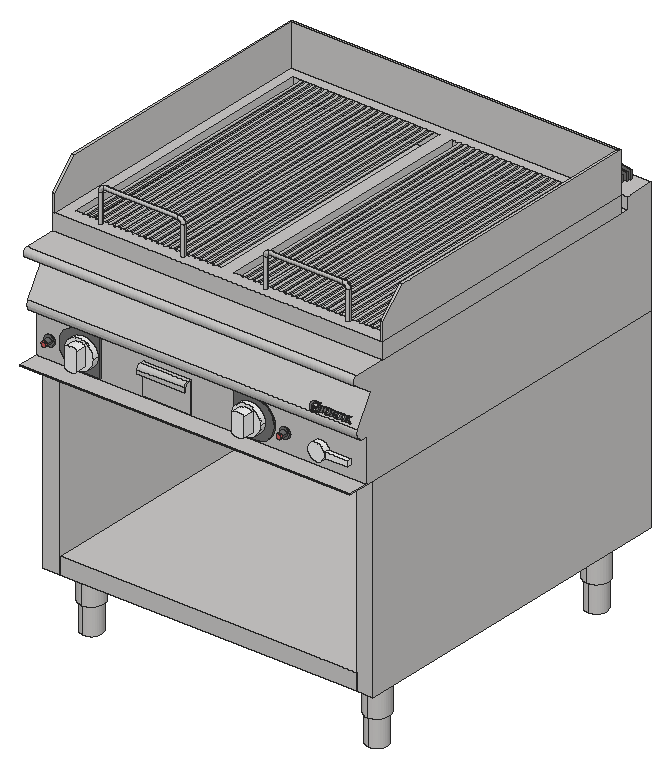
Revit family "QF_GIORIK_GL94GV", category Specialty Equipment, Revit 2014
Parameters (values of type "GL94GV")
  Weight in Pounds = 308.6468
  Waste Water Discharge Temperature [instance] = 0 °C
  URL Cutsheet = "www.giorik.com"
  URL = "www.giorik.com"
  Status [instance] = ""
  Specification by User [instance] = ""
  Specification by Manufacturer = ""
  Show Logo [instance] = yes
  Show Clearance [instance] = yes
  Serial Number = ""
  Seismic Rating = ""
  SMACNA No = ""
  Revision Code [instance] = ""
  Plumbing Remarks [instance] = ""
  Plumbing Connection Type [instance] = ""
  NAFEM Spec ID Number = ""
  Model = "GL94GV"
  Masterspec = ""
  Manufacturer = "GIORIK"
  Item Number [instance] = ""
  Installed By [instance] = ""
  Indirect Waste Size = 1"
  Indirect Waste Flow = 0.0 L/s
  Indirect Waste Connection Type [instance] = ""
  Indirect Waste Connection Height [instance] = 150 mm
  Identify Quantity as Lot [instance] = no
  Gas Size = 1"
  Gas RI Height [instance] = 0 mm
  Gas KW = 22
  Gas Input = 22000 W
  Gas Connection Height [instance] = 150 mm
  Furnished By [instance] = ""
  Foodservice Equipment Identifier [instance] = yes
  Description = "GAS STEAMGRILL"
  Cold Water Temperature Recommended = 0 °C
  Cold Water Size = 1/2"
  Cold Water RI Height [instance] = 150 mm
  Cold Water Minimum Pressure = 20000.0 Pa
  Cold Water Maximum Pressure = 50000.0 Pa
  Cold Water Flow [instance] = 0.0 L/s
  Cold Water Consumption [instance] = ""
  Cold Water Connection Height [instance] = 150 mm
  CSI MasterFormat = ""
  Assembly Code = "E1090320"
Reference planes
  plane 1 "Back": y = 0
  plane 2: z = 0
  plane 3 "Left": x = 0
  plane 4 "Right": x = 800
  plane 5 "Front": y = -920
  plane 6 "Top": z = 900
Forms (mm)
  Extrusion 1, solid, visible <- "Show Logo"
    sketch origin (586.604, -908.674, 717.684) x (-1, 0, 0) y (0, 0.515038, 0.857167)
      loop
        line (-118.824, 58.358) -> (-127.804, 58.358) -> (-125.523, 56.445) -> (-125.523, 48.027) -> (-127.804, 46.113) -> (-118.824, 46.113) -> (-121.105, 48.027) -> (-121.105, 56.445) -> (-118.824, 58.358)
      loop
        line (-163.721, 58.358) -> (-172.7, 58.358) -> (-170.42, 56.445) -> (-170.42, 48.027) -> (-172.7, 46.113) -> (-163.721, 46.113) -> (-166.001, 48.027) -> (-166.001, 56.445) -> (-163.721, 58.358)
      loop
        line (-174.332, 58.358) -> (-183.312, 58.358) -> (-181.031, 56.445) -> (-181.031, 52.435) -> (-186.419, 56.955) -> (-184.416, 58.358) -> (-191.268, 58.358) -> (-188.01, 56.839) -> (-185.455, 54.283) -> (-190.846, 47.858) -> (-193.396, 46.93) -> (-193.396, 46.113) -> (-184.416, 46.113) -> (-185.437, 47.571) -> (-182.443, 51.552) -> (-181.031, 50.894) -> (-181.031, 48.027) -> (-183.312, 46.113) -> (-174.332, 46.113) -> (-176.613, 48.027) -> (-176.613, 56.445) -> (-174.332, 58.358)
      loop
        line (-115.429, 62.063) -> (-115.429, 54.198)
        arc (-115.429, 54.198) -> (-111.618, 57.803) -> (-106.847, 59.986) r 16.039
        arc (-106.847, 59.986) -> (-103.314, 59.837) -> (-100.512, 57.68) r 5.851
        arc (-100.512, 57.68) -> (-98.815, 52.267) -> (-100.512, 46.853) r 9.479
        arc (-100.512, 46.853) -> (-102.406, 44.986) -> (-104.846, 43.93) r 7.236
        arc (-104.846, 43.93) -> (-107.728, 44.111) -> (-110.052, 45.825) r 5.11
        line (-110.052, 45.825) -> (-110.052, 52.001) -> (-116.141, 52.001) -> (-116.141, 45.503) -> (-117.893, 43.751) -> (-114.094, 44.769)
        arc (-114.094, 44.769) -> (-112.56, 44.947) -> (-111.129, 44.366) r 3.115
        arc (-111.129, 44.366) -> (-104.216, 42.091) -> (-97.303, 44.366) r 11.641
        arc (-97.303, 44.366) -> (-93.396, 52.107) -> (-97.303, 59.849) r 9.622
        arc (-97.303, 59.849) -> (-104.369, 62.174) -> (-111.435, 59.849) r 11.898
        line (-111.435, 59.849) -> (-115.429, 62.063)
      loop
        arc (-129.234, 56.068) -> (-135.893, 58.628) -> (-142.552, 56.068) r 9.941
        arc (-142.552, 56.068) -> (-144.234, 52.286) -> (-142.552, 48.505) r 5.093
        arc (-142.552, 48.505) -> (-135.893, 45.945) -> (-129.234, 48.505) r 9.941
        arc (-129.234, 48.505) -> (-127.552, 52.286) -> (-129.234, 56.068) r 5.093
      loop
        arc (-132.628, 54.403) -> (-135.893, 57.668) -> (-139.158, 54.403) r 3.265
        line (-139.158, 54.403) -> (-139.158, 50.169)
        arc (-139.158, 50.169) -> (-135.893, 46.904) -> (-132.628, 50.169) r 3.265
        line (-132.628, 50.169) -> (-132.628, 54.403)
      loop
        arc (-156.363, 58.365) -> (-159.647, 55.081) -> (-156.363, 51.796) r 3.285
        line (-156.363, 51.796) -> (-159.529, 47.306) -> (-162.087, 46.113) -> (-155.847, 46.113) -> (-153.529, 51.083) -> (-150.637, 51.083) -> (-150.637, 47.784) -> (-153.022, 46.113) -> (-144.011, 46.113) -> (-146.094, 47.68) -> (-146.094, 56.493) -> (-144.229, 58.365) -> (-156.363, 58.365)
      loop
        line (-150.637, 57.512) -> (-153.637, 57.512)
        arc (-153.637, 57.512) -> (-156.237, 54.912) -> (-153.637, 52.312) r 2.6
        line (-153.637, 52.312) -> (-150.637, 52.312) -> (-150.637, 57.512)
      loop
        line (-108.924, 52.001) -> (-104.936, 49.005) -> (-100.948, 52.001) -> (-108.924, 52.001)
    from 1.5 to -0.5
  Extrusion 2, solid
    sketch origin (-16, 1025.81, 0) x (1, 0, 0) y (0, 1, 0)
      loop
        line (25, -1086.81) -> (25, -1156.81) -> (115, -1156.81) -> (115, -1086.81) -> (25, -1086.81)
    from 148 to 150
  Extrusion 3, solid
    sketch origin (-4, 0, 130) x (1, 0, 0) y (0, 1, 0)
      loop
        circle (54, -385) r 12.5
    from 0 to 20
  Extrusion 4, solid
    sketch origin (0, 800, -20) x (0, 1, 0) y (0, 0, 1)
      loop
        line (-800, 919.988) -> (-870, 919.988) -> (-870, 889.988) -> (-1688.806, 889.988)
        arc (-1688.806, 889.988) -> (-1699.151, 883.075) -> (-1696.724, 870.873) r 11.197
        line (-1696.724, 870.873) -> (-1647.575, 836.458) -> (-1686.203, 772.171)
        arc (-1686.203, 772.171) -> (-1687.435, 755.768) -> (-1675, 745) r 18.302
        line (-1675, 745) -> (-1660, 745) -> (-1660, 640) -> (-800, 640) -> (-800, 919.988)
    from 0 to 800
  Extrusion 5, solid
    sketch origin (-16, 360.81, 0) x (1, 0, 0) y (0, 1, 0)
      loop
        line (25, -1086.81) -> (25, -1156.81) -> (115, -1156.81) -> (115, -1086.81) -> (25, -1086.81)
    from 148 to 150
  Revolve 6, solid
    sketch origin (54, 360.81, 0) x (0, 1, 0) y (0, 0, 1)
      loop
        line (-1092.56, 66) -> (-1092.56, 148) -> (-1121.81, 148) -> (-1121.81, 0) -> (-1096.81, 0) -> (-1096.81, 66) -> (-1092.56, 66)
      axis (-1121.81, 0) -> (-1121.81, 148)
    angle from 0 to 360
  Revolve 7, solid
    sketch origin (54, 1025.81, 0) x (0, 1, 0) y (0, 0, 1)
      loop
        line (-1092.56, 66) -> (-1092.56, 148) -> (-1121.81, 148) -> (-1121.81, 0) -> (-1096.81, 0) -> (-1096.81, 66) -> (-1092.56, 66)
      axis (-1121.81, 0) -> (-1121.81, 148)
    angle from 0 to 360
  Extrusion 8, solid
    sketch origin (816, 360.81, 0) x (-1, 0, 0) y (0, -1, 0)
      loop
        line (25, 1086.81) -> (115, 1086.81) -> (115, 1156.81) -> (25, 1156.81) -> (25, 1086.81)
    from 148 to 150
  Revolve 9, solid
    sketch origin (746, 360.81, 0) x (0, 1, 0) y (0, 0, -1)
      loop
        line (-1092.56, -66) -> (-1096.81, -66) -> (-1096.81, 0) -> (-1121.81, 0) -> (-1121.81, -148) -> (-1092.56, -148) -> (-1092.56, -66)
      axis (-1121.81, 0) -> (-1121.81, -148)
    angle from 0 to 360
  Extrusion 10, solid
    sketch origin (816, -1217.81, 0) x (-1, 0, 0) y (0, -1, 0)
      loop
        line (25, -1086.81) -> (25, -1156.81) -> (115, -1156.81) -> (115, -1086.81) -> (25, -1086.81)
    from 148 to 150
  Revolve 11, solid
    sketch origin (746, -1217.81, 0) x (0, -1, 0) y (0, 0, 1)
      loop
        line (-1092.56, 66) -> (-1092.56, 148) -> (-1121.81, 148) -> (-1121.81, 0) -> (-1096.81, 0) -> (-1096.81, 66) -> (-1092.56, 66)
      axis (-1121.81, 0) -> (-1121.81, 148)
    angle from 0 to 360
  Extrusion 12, solid
    sketch origin (-308.221, -812, -51.25) x (1, 0, 0) y (0, 0, 1)
      loop
        line (463.221, 676.25) -> (463.221, 766.25) -> (409.698, 766.25)
        arc (409.698, 766.25) -> (364.698, 721.25) -> (409.698, 676.25) r 45
        line (409.698, 676.25) -> (463.221, 676.25)
    from 48 to 50
  Extrusion 13, solid
    sketch origin (466.331, -860.641, -51.634) x (-1, 0, 0) y (0, -0.000888, -1)
      loop
        circle (351.331, -721.346) r 35
    from 0 to 15
  Extrusion 14, solid
    sketch origin (466.331, -860.641, -51.634) x (-1, 0, 0) y (0, -0.000888, -1)
      loop
        arc (336.331, -743.846) -> (351.331, -748.846) -> (366.331, -743.846) r 25
        line (366.331, -743.846) -> (366.331, -698.846)
        arc (366.331, -698.846) -> (351.331, -693.846) -> (336.331, -698.846) r 25
        line (336.331, -698.846) -> (336.331, -743.846)
    from 15 to 40
  Extrusion 15, solid
    sketch origin (-94, 0, -10.001) x (1, 0, 0) y (0, 0, 1)
      loop
        line (135, 909.989) -> (453, 909.989) -> (453, 925.527) -> (347.056, 931.749) -> (240.944, 931.749) -> (135, 925.527) -> (135, 909.989)
    from 32 to 35
  Extrusion 16, solid
    sketch origin (-92, 10, -10.001) x (1, 0, 0) y (0, 0, 1)
      loop
        line (454, 909.989) -> (454, 928.527) -> (346.162, 939.193) -> (237.838, 939.193) -> (130, 928.527) -> (130, 909.989) -> (454, 909.989)
    from 32 to 35
  Extrusion 17, solid
    sketch origin (-90, 20, -10.001) x (1, 0, 0) y (0, 0, 1)
      loop
        line (455, 909.989) -> (455, 930.527) -> (345.396, 947.413) -> (234.604, 947.413) -> (125, 930.527) -> (125, 909.989) -> (455, 909.989)
    from 32 to 35
  Extrusion 18, solid
    sketch origin (0, -200, 0) x (0, 1, 0) y (0, 0, 1)
      loop
        line (110, 909.988) -> (110, 1009.988) -> (-551.877, 1009.988) -> (-610, 951.864) -> (-610, 909.988) -> (110, 909.988)
    from 0 to 5
  Extrusion 19, solid
    sketch origin (0, -90, 0) x (1, 0, 0) y (0, 0, 1)
      loop
        line (5, 1009.988) -> (5, 909.988) -> (795, 909.988) -> (795, 1009.988) -> (5, 1009.988)
    from 0 to 5
  Sweep 20, solid
    path origin (32.128, -787.463, 1856.207) x (0, 0, 1) y (-1, 0, 0)
      loop
        line (-946.207, -65.372) -> (-876.207, -65.372)
        arc (-876.207, -65.372) -> (-869.136, -68.301) -> (-866.207, -75.372) r 10
        line (-866.207, -75.372) -> (-866.207, -255.372)
        arc (-866.207, -255.372) -> (-869.136, -262.443) -> (-876.207, -265.372) r 10
        line (-876.207, -265.372) -> (-946.207, -265.372)
    profile origin (97.5, -787.463, 945) x (-1, 0, 0) y (0, -1, 0)
      loop
        circle (0, 0) r 4
  Extrusion 21, solid
    sketch origin (1041.331, -860, -61.247) x (-1, 0, 0) y (0, 0, -1)
      loop
        circle (351.331, -721.221) r 20
    from 0 to 15
  Extrusion 22, solid
    sketch origin (410, -864, -62.044) x (1, 0, 0) y (0, 0, 1)
      loop
        line (275.18, 729.518) -> (275.18, 714.518) -> (355.18, 714.518) -> (355.18, 729.518) -> (275.18, 729.518)
    from 0 to 10
  Extrusion 23, solid
    sketch origin (122.347, -900, 59.9) x (0, 1, 0) y (0, 0, 1)
      loop
        line (40, 640.1) -> (30, 640.1)
        arc (30, 640.1) -> (22.929, 637.171) -> (20, 630.1) r 10
        line (20, 630.1) -> (20, 620.1) -> (22, 620.1) -> (22, 630.1)
        arc (22, 630.1) -> (24.343, 635.757) -> (30, 638.1) r 8
        line (30, 638.1) -> (38, 638.1) -> (38, 565.1) -> (40, 565.1) -> (40, 640.1)
    from 137.5 to 252.5
  Extrusion 24, solid
    sketch origin (22, 0, 100) x (0, 1, 0) y (-1, 0, 0)
      loop
        circle (-185, -308) r 12.7
    from 30 to 50
  Extrusion 25, solid
    sketch origin (432, -293, 100) x (0, 1, 0) y (-1, 0, 0)
      loop
        circle (-185, -308) r 6.35
    from 30 to 50
  Extrusion 26, solid
    sketch origin (0, -200, 900) x (0, 1, 0) y (-1, 0, 0)
      loop
        line (110, 0) -> (-610, 0) -> (-610, -800) -> (110, -800) -> (110, 0)
      loop
        line (80, -30) -> (-580, -30) -> (-580, -385) -> (80, -385) -> (80, -30)
      loop
        line (80, -415) -> (-580, -415) -> (-580, -770) -> (80, -770) -> (80, -415)
    from -30.012 to 9.988
  Extrusion 27, solid
    sketch origin (0, -200, 0) x (1, 0, 0) y (0, 0, 1)
      loop
        circle (50, 906.988) r 3
    from -80 to 580
  Extrusion 28, solid
    sketch origin (15, -200, 0) x (1, 0, 0) y (0, 0, 1)
      loop
        circle (50, 906.988) r 3
    from -80 to 580
  Extrusion 29, solid
    sketch origin (30, -200, 0) x (1, 0, 0) y (0, 0, 1)
      loop
        circle (50, 906.988) r 3
    from -80 to 580
  Extrusion 30, solid
    sketch origin (45, -200, 0) x (1, 0, 0) y (0, 0, 1)
      loop
        circle (50, 906.988) r 3
    from -80 to 580
  Extrusion 31, solid
    sketch origin (60, -200, 0) x (1, 0, 0) y (0, 0, 1)
      loop
        circle (50, 906.988) r 3
    from -80 to 580
  Extrusion 32, solid
    sketch origin (75, -200, 0) x (1, 0, 0) y (0, 0, 1)
      loop
        circle (50, 906.988) r 3
    from -80 to 580
  Extrusion 33, solid
    sketch origin (90, -200, 0) x (1, 0, 0) y (0, 0, 1)
      loop
        circle (50, 906.988) r 3
    from -80 to 580
  Extrusion 34, solid
    sketch origin (105, -200, 0) x (1, 0, 0) y (0, 0, 1)
      loop
        circle (50, 906.988) r 3
    from -80 to 580
  Extrusion 35, solid
    sketch origin (120, -200, 0) x (1, 0, 0) y (0, 0, 1)
      loop
        circle (50, 906.988) r 3
    from -80 to 580
  Extrusion 36, solid
    sketch origin (135, -200, 0) x (1, 0, 0) y (0, 0, 1)
      loop
        circle (50, 906.988) r 3
    from -80 to 580
  Extrusion 37, solid
    sketch origin (150, -200, 0) x (1, 0, 0) y (0, 0, 1)
      loop
        circle (50, 906.988) r 3
    from -80 to 580
  Extrusion 38, solid
    sketch origin (165, -200, 0) x (1, 0, 0) y (0, 0, 1)
      loop
        circle (50, 906.988) r 3
    from -80 to 580
  Extrusion 39, solid
    sketch origin (180, -200, 0) x (1, 0, 0) y (0, 0, 1)
      loop
        circle (50, 906.988) r 3
    from -80 to 580
  Extrusion 40, solid
    sketch origin (195, -200, 0) x (1, 0, 0) y (0, 0, 1)
      loop
        circle (50, 906.988) r 3
    from -80 to 580
  Extrusion 41, solid
    sketch origin (210, -200, 0) x (1, 0, 0) y (0, 0, 1)
      loop
        circle (50, 906.988) r 3
    from -80 to 580
  Extrusion 42, solid
    sketch origin (225, -200, 0) x (1, 0, 0) y (0, 0, 1)
      loop
        circle (50, 906.988) r 3
    from -80 to 580
  Extrusion 43, solid
    sketch origin (240, -200, 0) x (1, 0, 0) y (0, 0, 1)
      loop
        circle (50, 906.988) r 3
    from -80 to 580
  Extrusion 44, solid
    sketch origin (255, -200, 0) x (1, 0, 0) y (0, 0, 1)
      loop
        circle (50, 906.988) r 3
    from -80 to 580
  Extrusion 45, solid
    sketch origin (270, -200, 0) x (1, 0, 0) y (0, 0, 1)
      loop
        circle (50, 906.988) r 3
    from -80 to 580
  Extrusion 46, solid
    sketch origin (285, -200, 0) x (1, 0, 0) y (0, 0, 1)
      loop
        circle (50, 906.988) r 3
    from -80 to 580
  Extrusion 47, solid
    sketch origin (300, -200, 0) x (1, 0, 0) y (0, 0, 1)
      loop
        circle (50, 906.988) r 3
    from -80 to 580
  Extrusion 48, solid
    sketch origin (0, -860, 0) x (1, 0, 0) y (0, 0, 1)
      loop
        line (0, 620) -> (800, 620) -> (800, 622) -> (0, 622) -> (0, 620)
    from 0 to 50
  Extrusion 49, solid
    sketch origin (-6.142, -835.246, -47.152) x (1, 0, 0) y (0, 0.000339, 1)
      loop
        circle (38.702, 711.666) r 12.5
    from 25 to 27
  Extrusion 50, solid
    sketch origin (-732.35, -862.248, -53.566) x (1, 0, 0) y (0, 0.000339, 1)
      loop
        circle (764.91, 718.089) r 6
    from 0 to 15
  Extrusion 51, solid
    sketch origin (-732.35, -863.41, -53.565) x (1, 0, 0) y (0, 0.000339, 1)
      loop
        circle (764.91, 718.089) r 6
    from 13.838 to 15.838
  Extrusion 52, solid
    sketch origin (795, -200, 0) x (0, 1, 0) y (0, 0, 1)
      loop
        line (110, 909.988) -> (110, 1009.988) -> (-551.877, 1009.988) -> (-610, 951.864) -> (-610, 909.988) -> (110, 909.988)
    from 0 to 5
  Extrusion 53, solid
    sketch origin (306, 0, -10.001) x (1, 0, 0) y (0, 0, 1)
      loop
        line (135, 909.989) -> (453, 909.989) -> (453, 925.527) -> (347.056, 931.749) -> (240.944, 931.749) -> (135, 925.527) -> (135, 909.989)
    from 32 to 35
  Extrusion 54, solid
    sketch origin (308, 10, -10.001) x (1, 0, 0) y (0, 0, 1)
      loop
        line (454, 909.989) -> (454, 928.527) -> (346.162, 939.193) -> (237.838, 939.193) -> (130, 928.527) -> (130, 909.989) -> (454, 909.989)
    from 32 to 35
  Extrusion 55, solid
    sketch origin (310, 20, -10.001) x (1, 0, 0) y (0, 0, 1)
      loop
        line (455, 909.989) -> (455, 930.527) -> (345.396, 947.413) -> (234.604, 947.413) -> (125, 930.527) -> (125, 909.989) -> (455, 909.989)
    from 32 to 35
  Sweep 56, solid
    path origin (432.128, -787.463, 1856.207) x (0, 0, 1) y (-1, 0, 0)
      loop
        line (-946.207, -65.372) -> (-876.207, -65.372)
        arc (-876.207, -65.372) -> (-869.136, -68.301) -> (-866.207, -75.372) r 10
        line (-866.207, -75.372) -> (-866.207, -255.372)
        arc (-866.207, -255.372) -> (-869.136, -262.443) -> (-876.207, -265.372) r 10
        line (-876.207, -265.372) -> (-946.207, -265.372)
    profile origin (497.5, -787.463, 945) x (-1, 0, 0) y (0, -1, 0)
      loop
        circle (0, 0) r 4
  Extrusion 57, solid
    sketch origin (943.221, -812, -51.25) x (-1, 0, 0) y (0, 0, -1)
      loop
        line (463.221, -676.25) -> (409.698, -676.25)
        arc (409.698, -676.25) -> (364.698, -721.25) -> (409.698, -766.25) r 45
        line (409.698, -766.25) -> (463.221, -766.25) -> (463.221, -676.25)
    from 48 to 50
  Extrusion 58, solid
    sketch origin (168.669, -860.641, -51.634) x (1, 0, 0) y (0, 0.000888, 1)
      loop
        circle (351.331, 721.346) r 35
    from 0 to 15
  Extrusion 59, solid
    sketch origin (168.669, -860.641, -51.634) x (1, 0, 0) y (0, 0.000888, 1)
      loop
        line (336.331, 743.846) -> (336.331, 698.846)
        arc (336.331, 698.846) -> (351.331, 693.846) -> (366.331, 698.846) r 25
        line (366.331, 698.846) -> (366.331, 743.846)
        arc (366.331, 743.846) -> (351.331, 748.846) -> (336.331, 743.846) r 25
    from 15 to 40
  Extrusion 60, solid
    sketch origin (641.142, -835.246, -47.152) x (-1, 0, 0) y (0, -0.000339, -1)
      loop
        circle (38.702, -711.666) r 12.5
    from 25 to 27
  Extrusion 61, solid
    sketch origin (1367.35, -862.248, -53.566) x (-1, 0, 0) y (0, -0.000339, -1)
      loop
        circle (764.91, -718.089) r 6
    from 0 to 15
  Extrusion 62, solid
    sketch origin (1367.35, -863.41, -53.565) x (-1, 0, 0) y (0, -0.000339, -1)
      loop
        circle (764.91, -718.089) r 6
    from 13.838 to 15.838
  Extrusion 63, solid
    sketch origin (315, -200, 0) x (1, 0, 0) y (0, 0, 1)
      loop
        circle (50, 906.988) r 3
    from -80 to 580
  Extrusion 64, solid
    sketch origin (385, -200, 0) x (1, 0, 0) y (0, 0, 1)
      loop
        circle (50, 906.988) r 3
    from -80 to 580
  Extrusion 65, solid
    sketch origin (400, -200, 0) x (1, 0, 0) y (0, 0, 1)
      loop
        circle (50, 906.988) r 3
    from -80 to 580
  Extrusion 66, solid
    sketch origin (415, -200, 0) x (1, 0, 0) y (0, 0, 1)
      loop
        circle (50, 906.988) r 3
    from -80 to 580
  Extrusion 67, solid
    sketch origin (430, -200, 0) x (1, 0, 0) y (0, 0, 1)
      loop
        circle (50, 906.988) r 3
    from -80 to 580
  Extrusion 68, solid
    sketch origin (445, -200, 0) x (1, 0, 0) y (0, 0, 1)
      loop
        circle (50, 906.988) r 3
    from -80 to 580
  Extrusion 69, solid
    sketch origin (460, -200, 0) x (1, 0, 0) y (0, 0, 1)
      loop
        circle (50, 906.988) r 3
    from -80 to 580
  Extrusion 70, solid
    sketch origin (475, -200, 0) x (1, 0, 0) y (0, 0, 1)
      loop
        circle (50, 906.988) r 3
    from -80 to 580
  Extrusion 71, solid
    sketch origin (490, -200, 0) x (1, 0, 0) y (0, 0, 1)
      loop
        circle (50, 906.988) r 3
    from -80 to 580
  Extrusion 72, solid
    sketch origin (505, -200, 0) x (1, 0, 0) y (0, 0, 1)
      loop
        circle (50, 906.988) r 3
    from -80 to 580
  Extrusion 73, solid
    sketch origin (520, -200, 0) x (1, 0, 0) y (0, 0, 1)
      loop
        circle (50, 906.988) r 3
    from -80 to 580
  Extrusion 74, solid
    sketch origin (535, -200, 0) x (1, 0, 0) y (0, 0, 1)
      loop
        circle (50, 906.988) r 3
    from -80 to 580
  Extrusion 75, solid
    sketch origin (550, -200, 0) x (1, 0, 0) y (0, 0, 1)
      loop
        circle (50, 906.988) r 3
    from -80 to 580
  Extrusion 76, solid
    sketch origin (565, -200, 0) x (1, 0, 0) y (0, 0, 1)
      loop
        circle (50, 906.988) r 3
    from -80 to 580
  Extrusion 77, solid
    sketch origin (580, -200, 0) x (1, 0, 0) y (0, 0, 1)
      loop
        circle (50, 906.988) r 3
    from -80 to 580
  Extrusion 78, solid
    sketch origin (595, -200, 0) x (1, 0, 0) y (0, 0, 1)
      loop
        circle (50, 906.988) r 3
    from -80 to 580
  Extrusion 79, solid
    sketch origin (610, -200, 0) x (1, 0, 0) y (0, 0, 1)
      loop
        circle (50, 906.988) r 3
    from -80 to 580
  Extrusion 80, solid
    sketch origin (625, -200, 0) x (1, 0, 0) y (0, 0, 1)
      loop
        circle (50, 906.988) r 3
    from -80 to 580
  Extrusion 81, solid
    sketch origin (640, -200, 0) x (1, 0, 0) y (0, 0, 1)
      loop
        circle (50, 906.988) r 3
    from -80 to 580
  Extrusion 82, solid
    sketch origin (655, -200, 0) x (1, 0, 0) y (0, 0, 1)
      loop
        circle (50, 906.988) r 3
    from -80 to 580
  Extrusion 83, solid
    sketch origin (670, -200, 0) x (1, 0, 0) y (0, 0, 1)
      loop
        circle (50, 906.988) r 3
    from -80 to 580
  Extrusion 84, solid
    sketch origin (685, -200, 0) x (1, 0, 0) y (0, 0, 1)
      loop
        circle (50, 906.988) r 3
    from -80 to 580
  Extrusion 85, solid
    sketch origin (700, -200, 0) x (1, 0, 0) y (0, 0, 1)
      loop
        circle (50, 906.988) r 3
    from -80 to 580
  Extrusion 86, solid
    sketch origin (306, 0, -10.001) x (1, 0, 0) y (0, 0, 1)
      loop
        line (135, 909.989) -> (453, 909.989) -> (453, 925.527) -> (347.056, 931.749) -> (240.944, 931.749) -> (135, 925.527) -> (135, 909.989)
    from 32 to 35
  Extrusion 87, solid
    sketch origin (308, 10, -10.001) x (1, 0, 0) y (0, 0, 1)
      loop
        line (454, 909.989) -> (454, 928.527) -> (346.162, 939.193) -> (237.838, 939.193) -> (130, 928.527) -> (130, 909.989) -> (454, 909.989)
    from 32 to 35
  Extrusion 88, solid
    sketch origin (310, 20, -10.001) x (1, 0, 0) y (0, 0, 1)
      loop
        line (455, 909.989) -> (455, 930.527) -> (345.396, 947.413) -> (234.604, 947.413) -> (125, 930.527) -> (125, 909.989) -> (455, 909.989)
    from 32 to 35
  Extrusion 89, solid
    sketch origin (0, -200, 599.536) x (1, 0, 0) y (0, 1, 0)
      loop
        line (0, -640) -> (40, -640) -> (40, 160) -> (760, 160) -> (760, -640) -> (800, -640) -> (800, 200) -> (0, 200) -> (0, -640)
    from -449.536 to 20.464
  Extrusion 90, solid
    sketch origin (0, -200, 0) x (1, 0, 0) y (0, 1, 0)
      loop
        line (40, 160) -> (40, -640) -> (760, -640) -> (760, 160) -> (40, 160)
    from 150 to 190
Lines and regions (mm)
  symbolic lines, style "200-EquipBorder-2D"
    curve 1: line (0, -920, 0) -> (800, -920, 0)
    curve 2: line (800, -920, 0) -> (800, 0, 0)
    curve 3: line (800, 0, 0) -> (0, 0, 0)
    curve 4: line (0, 0, 0) -> (0, -920, 0)
  symbolic lines, style "200-EquipInternal-2D"
    curve 5: line (0, -70, 900) -> (800, -70, 900)
    curve 6: line (35, -12, 900) -> (365, -12, 900)
    curve 7: line (365, -12, 900) -> (365, -15, 900)
    curve 8: line (365, -15, 900) -> (35, -15, 900)
    curve 9: line (35, -15, 900) -> (35, -12, 900)
    curve 10: line (38, -22, 900) -> (362, -22, 900)
    curve 11: line (362, -22, 900) -> (362, -25, 900)
    curve 12: line (362, -25, 900) -> (38, -25, 900)
    curve 13: line (38, -25, 900) -> (38, -22, 900)
    curve 14: line (41, -32, 900) -> (359, -32, 900)
    curve 15: line (359, -32, 900) -> (359, -35, 900)
    curve 16: line (359, -35, 900) -> (41, -35, 900)
    curve 17: line (41, -35, 900) -> (41, -32, 900)
    curve 18: line (5, -95, 900) -> (795, -95, 900)
    curve 19: line (0, -90, 900) -> (800, -90, 900)
    curve 20: line (800, -90, 900) -> (800, -810, 900)
    curve 21: line (795, -810, 900) -> (795, -95, 900)
    curve 22: line (5, -95, 900) -> (5, -810, 900)
    curve 23: line (0, -810, 900) -> (0, -90, 900)
    curve 24: line (0, -810, 900) -> (800, -810, 900)
    curve 25: line (30, -780, 900) -> (30, -120, 900)
    curve 26: line (385, -120, 900) -> (385, -780, 900)
    curve 27: line (137, -120, 900) -> (137, -780, 900)
    curve 28: line (47, -780, 900) -> (47, -120, 900)
    curve 29: line (53, -780, 900) -> (53, -120, 900)
    curve 30: line (62, -120, 900) -> (62, -780, 900)
    curve 31: line (62, -780, 900) -> (53, -780, 900)
    curve 32: line (47, -780, 900) -> (30, -780, 900)
    curve 33: line (30, -120, 900) -> (47, -120, 900)
    curve 34: line (53, -120, 900) -> (62, -120, 900)
    curve 35: line (68, -120, 900) -> (68, -780, 900)
    curve 36: line (68, -780, 900) -> (77, -780, 900)
    curve 37: line (77, -780, 900) -> (77, -120, 900)
    curve 38: line (77, -120, 900) -> (68, -120, 900)
    curve 39: line (83, -120, 900) -> (92, -120, 900)
    curve 40: line (92, -120, 900) -> (92, -780, 900)
    curve 41: line (92, -780, 900) -> (83, -780, 900)
    curve 42: line (83, -780, 900) -> (83, -120, 900)
    curve 43: line (98, -120, 900) -> (98, -780, 900)
    curve 44: line (98, -780, 900) -> (107, -780, 900)
    curve 45: line (107, -780, 900) -> (107, -120, 900)
    curve 46: line (107, -120, 900) -> (98, -120, 900)
    curve 47: line (113, -120, 900) -> (122, -120, 900)
    curve 48: line (122, -120, 900) -> (122, -780, 900)
    curve 49: line (122, -780, 900) -> (113, -780, 900)
    curve 50: line (113, -780, 900) -> (113, -120, 900)
    curve 51: line (137, -120, 900) -> (128, -120, 900)
    curve 52: line (128, -120, 900) -> (128, -780, 900)
    curve 53: line (128, -780, 900) -> (137, -780, 900)
    curve 54: line (143, -780, 900) -> (143, -120, 900)
    curve 55: line (143, -120, 900) -> (152, -120, 900)
    curve 56: line (152, -120, 900) -> (152, -780, 900)
    curve 57: line (152, -780, 900) -> (143, -780, 900)
    curve 58: line (158, -780, 900) -> (158, -120, 900)
    curve 59: line (158, -120, 900) -> (167, -120, 900)
    curve 60: line (167, -120, 900) -> (167, -780, 900)
    curve 61: line (167, -780, 900) -> (158, -780, 900)
    curve 62: line (173, -780, 900) -> (173, -120, 900)
    curve 63: line (173, -120, 900) -> (182, -120, 900)
    curve 64: line (182, -120, 900) -> (182, -780, 900)
    curve 65: line (182, -780, 900) -> (173, -780, 900)
    curve 66: line (188, -780, 900) -> (188, -120, 900)
    curve 67: line (188, -120, 900) -> (197, -120, 900)
    curve 68: line (197, -120, 900) -> (197, -780, 900)
    curve 69: line (197, -780, 900) -> (188, -780, 900)
    curve 70: line (203, -780, 900) -> (203, -120, 900)
    curve 71: line (203, -120, 900) -> (212, -120, 900)
    curve 72: line (212, -120, 900) -> (212, -780, 900)
    curve 73: line (212, -780, 900) -> (203, -780, 900)
    curve 74: line (218, -780, 900) -> (218, -120, 900)
    curve 75: line (218, -120, 900) -> (227, -120, 900)
    curve 76: line (227, -120, 900) -> (227, -780, 900)
    curve 77: line (227, -780, 900) -> (218, -780, 900)
    curve 78: line (233, -780, 900) -> (233, -120, 900)
    curve 79: line (233, -120, 900) -> (242, -120, 900)
    curve 80: line (242, -120, 900) -> (242, -780, 900)
    curve 81: line (242, -780, 900) -> (233, -780, 900)
    curve 82: line (248, -780, 900) -> (248, -120, 900)
    curve 83: line (248, -120, 900) -> (257, -120, 900)
    curve 84: line (257, -120, 900) -> (257, -780, 900)
    curve 85: line (257, -780, 900) -> (248, -780, 900)
    curve 86: line (263, -780, 900) -> (263, -120, 900)
    curve 87: line (263, -120, 900) -> (272, -120, 900)
    curve 88: line (272, -120, 900) -> (272, -780, 900)
    curve 89: line (272, -780, 900) -> (263, -780, 900)
    curve 90: line (278, -780, 900) -> (278, -120, 900)
    curve 91: line (278, -120, 900) -> (287, -120, 900)
    curve 92: line (287, -120, 900) -> (287, -780, 900)
    curve 93: line (287, -780, 900) -> (278, -780, 900)
    curve 94: line (293, -780, 900) -> (293, -120, 900)
    curve 95: line (293, -120, 900) -> (302, -120, 900)
    curve 96: line (302, -120, 900) -> (302, -780, 900)
    curve 97: line (302, -780, 900) -> (293, -780, 900)
    curve 98: line (308, -780, 900) -> (308, -120, 900)
    curve 99: line (308, -120, 900) -> (317, -120, 900)
    curve 100: line (317, -120, 900) -> (317, -780, 900)
    curve 101: line (317, -780, 900) -> (308, -780, 900)
    curve 102: line (323, -780, 900) -> (323, -120, 900)
    curve 103: line (323, -120, 900) -> (332, -120, 900)
    curve 104: line (332, -120, 900) -> (332, -780, 900)
    curve 105: line (332, -780, 900) -> (323, -780, 900)
    curve 106: line (338, -780, 900) -> (338, -120, 900)
    curve 107: line (338, -120, 900) -> (347, -120, 900)
    curve 108: line (347, -120, 900) -> (347, -780, 900)
    curve 109: line (347, -780, 900) -> (338, -780, 900)
    curve 110: line (353, -780, 900) -> (353, -120, 900)
    curve 111: line (353, -120, 900) -> (362, -120, 900)
    curve 112: line (353, -780, 900) -> (362, -780, 900)
    curve 113: line (97.5, -783.463, 900) -> (297.5, -783.463, 900)
    curve 114: line (297.5, -791.463, 900) -> (97.5, -791.463, 900)
    curve 115: arc (97.5, -783.463, 900) -> (93.5, -787.463, 900) -> (97.5, -791.463, 900) r 4
    curve 116: arc (297.5, -783.463, 900) -> (301.5, -787.463, 900) -> (297.5, -791.463, 900) r 4
    curve 117: line (362, -120, 900) -> (362, -780, 900)
    curve 118: line (368, -780, 900) -> (368, -120, 900)
    curve 119: line (368, -120, 900) -> (385, -120, 900)
    curve 120: line (385, -780, 900) -> (368, -780, 900)
    curve 121: line (522, -120, 900) -> (522, -780, 900)
    curve 122: line (432, -780, 900) -> (432, -120, 900)
    curve 123: line (438, -780, 900) -> (438, -120, 900)
    curve 124: line (447, -120, 900) -> (447, -780, 900)
    curve 125: line (453, -120, 900) -> (453, -780, 900)
    curve 126: line (462, -780, 900) -> (462, -120, 900)
    curve 127: line (477, -120, 900) -> (477, -780, 900)
    curve 128: line (468, -780, 900) -> (468, -120, 900)
    curve 129: line (483, -120, 900) -> (483, -780, 900)
    curve 130: line (492, -780, 900) -> (492, -120, 900)
    curve 131: line (507, -120, 900) -> (507, -780, 900)
    curve 132: line (498, -780, 900) -> (498, -120, 900)
    curve 133: line (513, -120, 900) -> (513, -780, 900)
    curve 134: line (528, -780, 900) -> (528, -120, 900)
    curve 135: line (537, -120, 900) -> (537, -780, 900)
    curve 136: line (543, -780, 900) -> (543, -120, 900)
    curve 137: line (552, -120, 900) -> (552, -780, 900)
    curve 138: line (558, -780, 900) -> (558, -120, 900)
    curve 139: line (567, -120, 900) -> (567, -780, 900)
    curve 140: line (573, -780, 900) -> (573, -120, 900)
    curve 141: line (582, -120, 900) -> (582, -780, 900)
    curve 142: line (588, -780, 900) -> (588, -120, 900)
    curve 143: line (597, -120, 900) -> (597, -780, 900)
    curve 144: line (603, -780, 900) -> (603, -120, 900)
    curve 145: line (612, -120, 900) -> (612, -780, 900)
    curve 146: line (618, -780, 900) -> (618, -120, 900)
    curve 147: line (627, -120, 900) -> (627, -780, 900)
    curve 148: line (633, -780, 900) -> (633, -120, 900)
    curve 149: line (642, -120, 900) -> (642, -780, 900)
    curve 150: line (648, -780, 900) -> (648, -120, 900)
    curve 151: line (657, -120, 900) -> (657, -780, 900)
    curve 152: line (663, -780, 900) -> (663, -120, 900)
    curve 153: line (672, -120, 900) -> (672, -780, 900)
    curve 154: line (678, -780, 900) -> (678, -120, 900)
    curve 155: line (687, -120, 900) -> (687, -780, 900)
    curve 156: line (693, -780, 900) -> (693, -120, 900)
    curve 157: line (702, -120, 900) -> (702, -780, 900)
    curve 158: line (708, -780, 900) -> (708, -120, 900)
    curve 159: line (717, -120, 900) -> (717, -780, 900)
    curve 160: line (723, -780, 900) -> (723, -120, 900)
    curve 161: line (732, -120, 900) -> (732, -780, 900)
    curve 162: line (738, -780, 900) -> (738, -120, 900)
    curve 163: line (747, -120, 900) -> (747, -780, 900)
    curve 164: line (753, -780, 900) -> (753, -120, 900)
    curve 165: line (415, -780, 900) -> (415, -120, 900)
    curve 166: line (770, -120, 900) -> (770, -780, 900)
    curve 167: line (415, -120, 900) -> (432, -120, 900)
    curve 168: line (438, -120, 900) -> (447, -120, 900)
    curve 169: line (453, -120, 900) -> (462, -120, 900)
    curve 170: line (468, -120, 900) -> (477, -120, 900)
    curve 171: line (483, -120, 900) -> (492, -120, 900)
    curve 172: line (498, -120, 900) -> (507, -120, 900)
    curve 173: line (513, -120, 900) -> (522, -120, 900)
    curve 174: line (528, -120, 900) -> (537, -120, 900)
    curve 175: line (558, -120, 900) -> (567, -120, 900)
    curve 176: line (543, -120, 900) -> (552, -120, 900)
    curve 177: line (573, -120, 900) -> (582, -120, 900)
    curve 178: line (588, -120, 900) -> (597, -120, 900)
    curve 179: line (603, -120, 900) -> (612, -120, 900)
    curve 180: line (618, -120, 900) -> (627, -120, 900)
    curve 181: line (633, -120, 900) -> (642, -120, 900)
    curve 182: line (648, -120, 900) -> (657, -120, 900)
    curve 183: line (663, -120, 900) -> (672, -120, 900)
    curve 184: line (678, -120, 900) -> (687, -120, 900)
    curve 185: line (693, -120, 900) -> (702, -120, 900)
    curve 186: line (770, -120, 900) -> (753, -120, 900)
    curve 187: line (747, -120, 900) -> (738, -120, 900)
    curve 188: line (732, -120, 900) -> (723, -120, 900)
    curve 189: line (717, -120, 900) -> (708, -120, 900)
    curve 190: line (770, -780, 900) -> (753, -780, 900)
    curve 191: line (747, -780, 900) -> (738, -780, 900)
    curve 192: line (732, -780, 900) -> (723, -780, 900)
    curve 193: line (717, -780, 900) -> (708, -780, 900)
    curve 194: line (702, -780, 900) -> (693, -780, 900)
    curve 195: line (687, -780, 900) -> (678, -780, 900)
    curve 196: line (672, -780, 900) -> (663, -780, 900)
    curve 197: line (697.5, -791.463, 900) -> (497.5, -791.463, 900)
    curve 198: line (498, -780, 900) -> (507, -780, 900)
    curve 199: line (513, -780, 900) -> (522, -780, 900)
    curve 200: line (528, -780, 900) -> (537, -780, 900)
    curve 201: line (543, -780, 900) -> (552, -780, 900)
    curve 202: line (558, -780, 900) -> (567, -780, 900)
    curve 203: line (573, -780, 900) -> (582, -780, 900)
    curve 204: line (657, -780, 900) -> (648, -780, 900)
    curve 205: line (642, -780, 900) -> (633, -780, 900)
    curve 206: line (627, -780, 900) -> (618, -780, 900)
    curve 207: line (612, -780, 900) -> (603, -780, 900)
    curve 208: line (597, -780, 900) -> (588, -780, 900)
    curve 209: line (492, -780, 900) -> (483, -780, 900)
    curve 210: line (477, -780, 900) -> (468, -780, 900)
    curve 211: line (462, -780, 900) -> (453, -780, 900)
    curve 212: line (447, -780, 900) -> (438, -780, 900)
    curve 213: line (432, -780, 900) -> (415, -780, 900)
    curve 214: line (497.5, -783.463, 900) -> (697.5, -783.463, 900)
    curve 215: arc (497.5, -783.463, 900) -> (493.5, -787.463, 900) -> (497.5, -791.463, 900) r 4
    curve 216: arc (697.5, -783.463, 900) -> (701.5, -787.463, 900) -> (697.5, -791.463, 900) r 4
    curve 217: line (435, -12, 900) -> (765, -12, 900)
    curve 218: line (765, -12, 900) -> (765, -15, 900)
    curve 219: line (765, -15, 900) -> (435, -15, 900)
    curve 220: line (435, -15, 900) -> (435, -12, 900)
    curve 221: line (438, -22, 900) -> (762, -22, 900)
    curve 222: line (762, -22, 900) -> (762, -25, 900)
    curve 223: line (762, -25, 900) -> (438, -25, 900)
    curve 224: line (438, -25, 900) -> (438, -22, 900)
    curve 225: line (441, -32, 900) -> (759, -32, 900)
    curve 226: line (759, -32, 900) -> (759, -35, 900)
    curve 227: line (759, -35, 900) -> (441, -35, 900)
    curve 228: line (441, -35, 900) -> (441, -32, 900)
Dimensions and locks
  plane 3 "Left" to plane 4 "Right" = 800 mm
  plane 5 "Front" to plane 1 "Back" = 920 mm
  plane 4 "Right" to plane 3 "Left" = 800 mm
  plane 1 "Back" to plane 5 "Front" = 920 mm
  plane 6 "Top" to level = 900 mm  (x2)
  aligned and locked: level to plane 2
Connectors
  piping at (50, -385, 130), diameter 25.4, driven by "Gas Size"
    settings: on Extrusion 3, index 1, connector inside diameter 24", connector length 0 mm, flow factor 0, pipe flow 0.0 L/s, pressure drop 0.0 Pa, fitting loss kfactor 0, connector angle 0.00°, fixture units 0, engagement length 0 mm, angle of deflection 0.00°, flow configuration 1, flow direction 1, fitting loss method 0, system type 22, joint type 0, gender type 0, connector reference index -1, connector utility 0, adjustable connector no, is connector primary yes, connector description "Gas inlet"
  piping at (330, -185, 130), diameter 25.4, driven by "Indirect Waste Size", driven by "Indirect Waste Flow"
    settings: on Extrusion 24, index 2, connector inside diameter 24", connector length 0 mm, flow factor 0, pipe flow 0.0 L/s, pressure drop 0.0 Pa, fitting loss kfactor 0, connector angle 0.00°, fixture units 0, engagement length 0 mm, angle of deflection 0.00°, flow configuration 1, flow direction 2, fitting loss method 0, system type 16, joint type 0, gender type 0, connector reference index -1, connector utility 0, adjustable connector no, is connector primary no, connector description "Water drain"
  piping at (740, -478, 130), diameter 12.7, driven by "Cold Water Size", driven by "Cold Water Flow"
    settings: on Extrusion 25, index 3, connector inside diameter 24", connector length 0 mm, flow factor 0, pipe flow 0.0 L/s, pressure drop 0.0 Pa, fitting loss kfactor 0, connector angle 0.00°, fixture units 0, engagement length 0 mm, angle of deflection 0.00°, flow configuration 1, flow direction 1, fitting loss method 0, system type 20, joint type 0, gender type 0, connector reference index -1, connector utility 0, adjustable connector no, is connector primary no, connector description "Water inlet"
